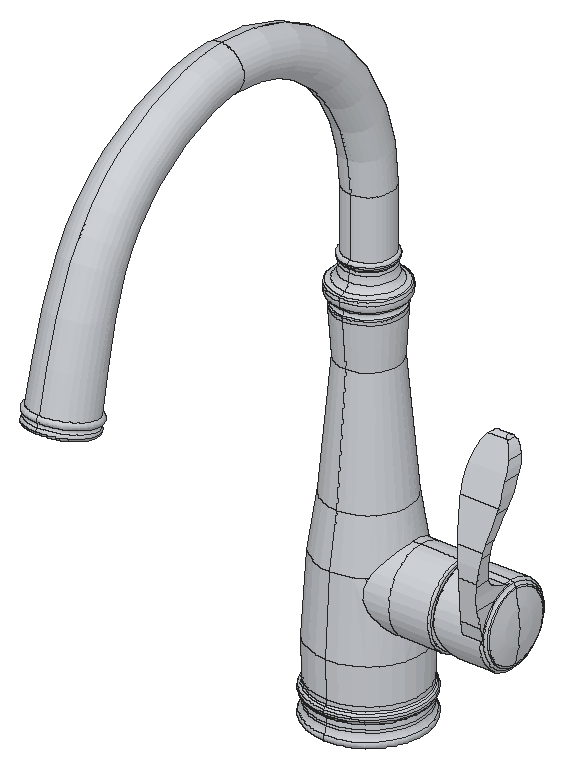
Revit family "Faucet-Bar-KOHLER-Bellera-K-29107", category Plumbing Fixtures, host Face, Revit 2015
Parameters (values of type "CP-Polished Chrome")
  Width = 2 1/8"  # constant formula
  WaterSense Certified = 1 = 0  # no
  Waste Water Outlet = "Waste Water Outlet"  # constant formula
  Waste Connection = 1 = 0  # no
  Vent Connection = 1 = 0  # no
  URL = "https://www.us.kohler.com/us/"
  Type = 1
  Spout Reach = Length  # 7 5/16"
  Product Page URL = "http://www.us.kohler.com/us/catalog/productDetails.jsp?productNumber=29107"
  Product Name = "Bellera"  # constant formula
  Product Documentation Link = "https://www.us.kohler.com/webassets/kpna/catalog/pdf/en/K-29107_spec.pdf"
  Pressure = 60.00 psi  # constant formula
  Model = if(Type = 1, "K-29107-CP", if(Type = 2, "K-29107-VS", if(Type = 3, "K-29107-2BZ", "NA")))  # "K-29107-CP"
  Material = "Premium Metal Construction"  # constant formula
  MasterFormat 2004 = "22.41.39"  # constant formula
  MasterFormat 1995 = "15410"  # constant formula
  Manufacturer Address = "444 Highland Dr, Kohler, WI 53044"  # constant formula
  Manufacturer = "KOHLER Co."  # constant formula
  Length = 7 5/16"  # constant formula
  Hot Water Inlet = "Hot Water Inlet"  # constant formula
  Height = 13"  # constant formula
  Handle Clearance = 3 3/8"  # constant formula
  HW Connection = 1 = 1  # yes
  Flow Rate = 1.5 GPM  # constant formula
  Finish = Kohler-Metal-CP-Polished_Chrome
  Faucet Hole Spacing = 0"
  Environmental Product Declaration = ""
  Drain Included = 1 = 0  # no
  Description = "Bar sink faucet"  # constant formula
  Default Elevation = 36"
  Declare Label = ""
  Date Modified = "5/27/2019"  # constant formula
  Date Created = "5/27/2019"  # constant formula
  Copyright = "Copyright KOHLER Co."  # constant formula
  Contact Us = "https://www.us.kohler.com/us/static/contact.jsp"
  Cold Water Inlet = "Cold Water Inlet"  # constant formula
  CW Connection = 1 = 1  # yes
  Assembly Code = "D2010"
  ADA Compliant = 1 = 1  # yes
Types (4): name | Type | Model | Finish
  (no name) | 1 | "K-29107-CP" | Kohler-Metal-CP-Polished_Chrome
  CP-Polished Chrome | 1 | "K-29107-CP" | Kohler-Metal-CP-Polished_Chrome
  VS-Vibrant Stainless | 2 | "K-29107-VS" | Kohler-Metal-VS-Vibrant_Stainless
  2BZ-Oil Rubbed Bronze | 3 | "K-29107-2BZ" | Kohler-Metal-2BZ-Oil_Rubbed_Bronze
Reference planes (in)
  plane 1 "Center (Front/Back)": y = 0
  plane 2: z = 0
  plane 3 "Center (Left/Right)": x = 0
  plane 4: x = -1.0625
  plane 5: x = 1.0625
  plane 6: y = 1.0625
  plane 7: y = -1.0625
  plane 8: z = 2.49999
  plane 9: z = 5.87499
  plane 10: z = 13
  plane 11: z = 8.125
  plane 12: y = -7.3125
  plane 13: x = 2.96274
Dimensions and locks (in)
  plane 6 to plane 7 = 2 1/8"
  "Width": plane 4 to plane 5
  "Length": plane 1 "Center (Front/Back)" to plane 12
  "Height": plane 10 to level
  "Handle Clearance": plane 9 to plane 8
  aligned and locked: plane 2 to host face
  aligned and locked: level to host face
Automatic sketch dimensions
  host sketch curve to host sketch curve = 96"  (x2)
Nested families (in)
  nested 1: "K-29107" at (0, 0, 0), type "K-29107"
Connectors (in)
  piping at (-0.26868, 0, 0), diameter 0.375, driven by "HW Connection", driven by "Hot Water Inlet", driven by "Flow Rate", driven by "Pressure"
    settings: on nested 1, index 1, connector inside diameter 24", connector length 0", flow factor 0, pipe flow 1.5 GPM, pressure drop 60.00 psi, fitting loss kfactor 0, connector angle 0.00°, fixture units 0, engagement length 0", angle of deflection 0.00°, flow configuration 1, flow direction 1, fitting loss method 4, system type 19, joint type 0, gender type 0, connector reference index -1, connector utility 1, adjustable connector no, is connector primary yes, connector description "Hot Water Inlet"
  piping at (0.26868, 0, 0), diameter 0.375, driven by "CW Connection", driven by "Cold Water Inlet", driven by "Flow Rate", driven by "Pressure"
    settings: on nested 1, index 2, connector inside diameter 24", connector length 0", flow factor 0, pipe flow 1.5 GPM, pressure drop 60.00 psi, fitting loss kfactor 0, connector angle 0.00°, fixture units 0, engagement length 0", angle of deflection 0.00°, flow configuration 1, flow direction 1, fitting loss method 4, system type 20, joint type 0, gender type 0, connector reference index -1, connector utility 1, adjustable connector no, is connector primary no, connector description "Cold Water Inlet"
Definition of nested family "K-29107"
  Parameters (values of type "K-29107")
    Material = none
  Reference planes (in)
    plane 1 "Center (Front/Back)": y = 0
    plane 2: z = 0
    plane 3 "Center (Left/Right)": x = 0
    plane 4: z = 8.125
    plane 5: z = 13
    plane 6: y = -7.3125
    plane 7: x = -1.0625
    plane 8: x = 1.0625
    plane 9: y = 1.0625
    plane 10: y = -1.0625
    plane 11: z = 2.49999
    plane 12: z = 5.87499
    plane 13: x = 2.96274
  Forms (in)
    Revolve 1, solid, material <- "Material", detail levels medium+fine
      sketch origin (0, 0, 0) x (0, 1, 0) y (0, 0, 1)
        loop
          line (0, 7.94118) -> (0, 0) -> (0.98553, 0)
          arc (0.98553, 0) -> (1.05421, 0.0423) -> (1.04733, 0.12268) r 0.07691
          arc (1.04733, 0.12268) -> (1.01331, 0.18402) -> (0.99632, 0.25208) r 0.26858
          arc (0.99632, 0.25208) -> (0.9942, 0.2763) -> (0.99335, 0.30061) r 0.46507
          line (0.99335, 0.30061) -> (0.99246, 0.39892)
          arc (0.99246, 0.39892) -> (0.99798, 0.41571) -> (1.01257, 0.42569) r 0.02754
          arc (1.01257, 0.42569) -> (1.0365, 0.4391) -> (1.05165, 0.46197) r 0.05827
          arc (1.05165, 0.46197) -> (1.05795, 0.48423) -> (1.06103, 0.50715) r 0.16249
          arc (1.06103, 0.50715) -> (1.05949, 0.53058) -> (1.05209, 0.55286) r 0.09221
          arc (1.05209, 0.55286) -> (1.03704, 0.57431) -> (1.01592, 0.5898) r 0.08061
          arc (1.01592, 0.5898) -> (1.00171, 0.60302) -> (0.99668, 0.62176) r 0.03516
          line (0.99668, 0.62176) -> (0.99797, 0.69563)
          arc (0.99797, 0.69563) -> (1.00289, 1.04003) -> (1.00563, 1.38445) r 54.43056
          arc (1.00563, 1.38445) -> (0.98376, 2.11532) -> (0.91122, 2.84291) r 10.5325
          arc (0.91122, 2.84291) -> (0.84036, 3.33388) -> (0.76039, 3.82345) r 26.73381
          arc (0.76039, 3.82345) -> (0.60836, 4.9746) -> (0.54852, 6.1342) r 14.56304
          arc (0.54852, 6.1342) -> (0.5595, 6.5542) -> (0.6022, 6.97216) r 5.55479
          line (0.6022, 6.97216) -> (0.61124, 7.0365)
          arc (0.61124, 7.0365) -> (0.61006, 7.05236) -> (0.6024, 7.06629) r 0.03742
          arc (0.6024, 7.06629) -> (0.58503, 7.13568) -> (0.63097, 7.1905) r 0.07876
          arc (0.63097, 7.1905) -> (0.64564, 7.1996) -> (0.65689, 7.21269) r 0.05661
          arc (0.65689, 7.21269) -> (0.68267, 7.27631) -> (0.68554, 7.3449) r 0.20097
          arc (0.68554, 7.3449) -> (0.68109, 7.37412) -> (0.6754, 7.40312) r 0.69297
          arc (0.6754, 7.40312) -> (0.66796, 7.41644) -> (0.65438, 7.42338) r 0.02629
          arc (0.65438, 7.42338) -> (0.60459, 7.43871) -> (0.55988, 7.46545) r 0.21736
          arc (0.55988, 7.46545) -> (0.50945, 7.51884) -> (0.47769, 7.58506) r 0.23802
          arc (0.47769, 7.58506) -> (0.46085, 7.65629) -> (0.45264, 7.72902) r 0.6107
          line (0.45264, 7.72902) -> (0.44912, 7.79631)
          arc (0.44912, 7.79631) -> (0.45255, 7.81238) -> (0.4636, 7.82456) r 0.03162
          arc (0.4636, 7.82456) -> (0.47613, 7.83597) -> (0.48423, 7.85086) r 0.05095
          arc (0.48423, 7.85086) -> (0.48842, 7.86885) -> (0.48887, 7.88731) r 0.09056
          arc (0.48887, 7.88731) -> (0.47031, 7.92565) -> (0.43065, 7.94118) r 0.0584
          line (0.43065, 7.94118) -> (0, 7.94118)
        axis (0, 0) -> (0, 7.94118)
      angle from 0 to 360
    Revolve 2, solid, material <- "Material", detail levels medium+fine
      sketch origin (0, 0, 0) x (0, 1, 0) y (0, 0, 1)
        loop
          arc (-6.73772, 7.98844) -> (-6.71843, 7.99107) -> (-6.70592, 8.00599) r 0.027
          arc (-6.70592, 8.00599) -> (-6.70064, 8.04179) -> (-6.70847, 8.07712) r 0.09977
          arc (-6.70847, 8.07712) -> (-6.70787, 8.12128) -> (-6.67492, 8.15069) r 0.05486
          arc (-6.67492, 8.15069) -> (-6.63497, 8.20827) -> (-6.67979, 8.26216) r 0.05789
          line (-6.67979, 8.26216) -> (-7.24871, 8.3935) -> (-7.30154, 8.17112) -> (-7.01445, 8.10291) -> (-7.02511, 8.05672) -> (-6.73772, 7.98844)
        axis (-7.24785, 8.39712) -> (-7.3125, 8.125)
      angle from 0 to 360
    Sweep 3, solid, material <- "Material", detail levels medium+fine
      path origin (0, 0, 0) x (0, 1, 0) y (0, 0, 1)
        loop
          line (0, 7.93117) -> (0, 9.06017)
          arc (0, 9.06017) -> (-1.02513, 11.53505) -> (-3.5, 12.56017) r 3.5
      profile origin (0, 0, 8.49567) x (0, -1, 0) y (1, 0, 0)
        loop
          circle (0, 0) r 0.43065
    SweptBlend 4, solid, material <- "Material", detail levels medium+fine
      path origin (0, 0, 0) x (0, 1, 0) y (0, 0, 1)
        loop
          spline (-7.25331, 8.39457) -> (-7.14564, 8.87106) -> (-7.0273, 9.3664) -> (-6.8851, 9.86641) -> (-6.70582, 10.35692) -> (-6.47626, 10.82375) -> (-6.18323, 11.25272) -> (-5.81841, 11.63105) -> (-5.39509, 11.95198) -> (-4.93242, 12.21044) -> (-4.44957, 12.40135) -> (-3.9657, 12.51962) -> (-3.5, 12.56017)
      profile origin (0, -7.25331, 8.39457) x (0, -0.97437, 0.224951) y (1, 0, 0)
        loop
          circle (0, 0) r 0.58126
      end profile origin (0, -3.5, 12.56017) x (0, 0, 1) y (1, 0, 0)
        loop
          circle (0, 0) r 0.43065
    Revolve 5, solid, material <- "Material", detail levels medium+fine
      sketch origin (0, 0, 0) x (1, 0, 0) y (0, 0, 1)
        loop
          arc (2.88402, 2.49999) -> (2.86479, 2.82022) -> (2.80736, 3.13584) r 2.67513
          arc (2.80736, 3.13584) -> (2.80088, 3.15033) -> (2.78971, 3.16161) r 0.04425
          arc (2.78971, 3.16161) -> (2.76714, 3.18448) -> (2.75423, 3.21391) r 0.08846
          arc (2.75423, 3.21391) -> (2.73756, 3.24017) -> (2.70817, 3.2504) r 0.04732
          line (2.70817, 3.2504) -> (1.83858, 3.2504)
          arc (1.83858, 3.2504) -> (1.82236, 3.24369) -> (1.81564, 3.22747) r 0.02293
          line (1.81564, 3.22747) -> (1.81564, 3.15857)
          arc (1.81564, 3.15857) -> (1.79287, 3.16247) -> (1.77, 3.1658) r 0.91041
          line (1.77, 3.1658) -> (1.77, 3.23449)
          arc (1.77, 3.23449) -> (1.76093, 3.25638) -> (1.73905, 3.26545) r 0.03095
          line (1.73905, 3.26545) -> (0.98905, 3.26545)
          arc (0.98905, 3.26545) -> (0.48989, 3.29952) -> (0, 3.40108) r 3.67388
          line (0, 3.40108) -> (0, 2.49999) -> (2.88402, 2.49999)
        axis (2.88402, 2.49999) -> (0, 2.49999)
      angle from 0 to 360
    Extrusion 6, solid, material <- "Material", detail levels medium+fine
      sketch origin (0, 0, 0) x (0, 1, 0) y (0, 0, 1)
        loop
          arc (-0.6251, 3.62614) -> (-0.6549, 3.93174) -> (-0.60759, 4.23513) r 1.22209
          arc (-0.60759, 4.23513) -> (-0.53423, 4.44225) -> (-0.4367, 4.63914) r 1.83959
          arc (-0.4367, 4.63914) -> (-0.27117, 4.93985) -> (-0.11563, 5.24585) r 10.41699
          arc (-0.11563, 5.24585) -> (-0.03397, 5.44596) -> (0.02052, 5.65511) r 1.631
          arc (0.02052, 5.65511) -> (-0.03972, 5.76498) -> (-0.159, 5.72664) r 0.09841
          arc (-0.159, 5.72664) -> (-0.40753, 5.28411) -> (-0.6031, 4.81576) r 4.37222
          arc (-0.6031, 4.81576) -> (-0.71747, 4.46338) -> (-0.81506, 4.10599) r 7.83677
          arc (-0.81506, 4.10599) -> (-0.86192, 3.83802) -> (-0.87103, 3.56613) r 1.94973
          arc (-0.87103, 3.56613) -> (-0.84622, 3.1793) -> (-0.80006, 2.79443) r 7.0032
          arc (-0.80006, 2.79443) -> (-0.73799, 2.5001) -> (-0.64072, 2.21546) r 2.47733
          line (-0.64072, 2.21546) -> (0.21574, 2.21546) -> (0.21574, 3.15804)
          arc (0.21574, 3.15804) -> (-0.08016, 3.2235) -> (-0.36684, 3.3218) r 2.69262
          arc (-0.36684, 3.3218) -> (-0.53324, 3.44233) -> (-0.6251, 3.62614) r 0.43178
      from 1.68008 to 3.6442
    Extrusion 7, void
      sketch origin (0, 0, -0.09375) x (1, 0, 0) y (0, 0, 1)
        loop
          arc (2.32299, 4.34518) -> (2.27764, 4.58097) -> (2.24079, 4.81824) r 6.67243
          arc (2.24079, 4.81824) -> (2.22134, 5.06019) -> (2.22897, 5.30279) r 2.17461
          arc (2.22897, 5.30279) -> (2.2404, 5.44458) -> (2.2721, 5.58324) r 0.98645
          arc (2.2721, 5.58324) -> (2.32608, 5.70647) -> (2.40694, 5.81399) r 0.58132
          arc (2.40694, 5.81399) -> (2.4912, 5.87257) -> (2.59172, 5.89321) r 0.25511
          arc (2.59172, 5.89321) -> (2.69223, 5.87257) -> (2.77649, 5.81399) r 0.25511
          arc (2.77649, 5.81399) -> (2.85735, 5.70647) -> (2.91133, 5.58324) r 0.58132
          arc (2.91133, 5.58324) -> (2.94303, 5.44458) -> (2.95446, 5.30279) r 0.98645
          arc (2.95446, 5.30279) -> (2.96209, 5.06019) -> (2.94264, 4.81824) r 2.17461
          arc (2.94264, 4.81824) -> (2.9058, 4.58097) -> (2.86044, 4.34518) r 6.67243
          arc (2.86044, 4.34518) -> (2.83755, 4.22865) -> (2.81796, 4.11152) r 4.21338
          arc (2.81796, 4.11152) -> (2.78066, 3.86235) -> (2.74491, 3.61295) r 40.69692
          arc (2.74491, 3.61295) -> (2.72779, 3.39978) -> (2.73593, 3.18607) r 1.80991
          arc (2.73593, 3.18607) -> (2.75729, 2.70053) -> (2.72694, 2.21546) r 4.56818
          line (2.72694, 2.21546) -> (3.87279, 2.21546) -> (3.87279, 6.69267) -> (1.24449, 6.69267) -> (1.24449, 2.21546) -> (2.33827, 2.21546)
          arc (2.33827, 2.21546) -> (2.40419, 2.90886) -> (2.41182, 3.60535) r 8.31176
          arc (2.41182, 3.60535) -> (2.38379, 3.97723) -> (2.32299, 4.34518) r 4.21338
      from -1.20958 to 1.52905
    Extrusion 8, void
      sketch origin (0, 0, 0) x (1, 0, 0) y (0, 0, 1)
        loop
          arc (1.90077, 2.29229) -> (1.82925, 2.48824) -> (1.77121, 2.6886) r 3.06853
          line (1.77121, 2.6886) -> (1.77121, 1.611) -> (2.17603, 1.611) -> (1.90077, 2.29229)
      from -1.2065 to 1.38688
    Revolve 9, solid, material <- "Material", detail levels medium+fine
      sketch origin (0, 0, 0) x (1, 0, 0) y (0, 0, 1)
        loop
          line (1.77, 2.49999) -> (1.77, 1.83766)
          arc (1.77, 1.83766) -> (2.21116, 2.04725) -> (2.39441, 2.49999) r 0.67302
          line (2.39441, 2.49999) -> (1.77, 2.49999)
        axis (2.39441, 2.49999) -> (1.77, 2.49999)
      angle from 0 to 360
    Revolve 10, solid, material <- "Material", detail levels coarse
      sketch origin (0, 0, 0) x (1, 0, 0) y (0, 0, 1)
        loop
          line (0, 8.27762) -> (-0.6024, 8.27762) -> (-0.6024, 6.5) -> (-1.0625, 6.5) -> (-1.0625, 0) -> (0, 0) -> (0, 8.27762)
        axis (0, 0) -> (0, 8.27762)
      angle from 0 to 360
    Sweep 11, solid, material <- "Material", detail levels coarse
      path origin (0, 0, 0) x (0, 1, 0) y (0, 0, 1)
        loop
          line (0, 7.94118) -> (0, 9.03024)
          arc (0, 9.03024) -> (-3.09272, 12.50646) -> (-6.90521, 9.83927) r 3.5
          line (-6.90521, 9.83927) -> (-7.3125, 8.125)
      profile origin (0, 0, 7.94118) x (0, -1, 0) y (1, 0, 0)
        loop
          circle (0, 0) r 0.6024
    Revolve 12, solid, material <- "Material", detail levels coarse
      sketch origin (0, 0, 0) x (1, 0, 0) y (0, 0, 1)
        loop
          line (0.27, 2.49999) -> (2.88402, 2.49999) -> (2.88402, 3.2504) -> (0.27, 3.2504) -> (0.27, 2.49999)
        axis (2.88402, 2.49999) -> (0.27, 2.49999)
      angle from 0 to 360
    Extrusion 13, solid, material <- "Material", detail levels coarse
      sketch origin (0, 0, 0) x (0, 1, 0) y (0, 0, 1)
        loop
          line (0, 2.49999) -> (0, 5.87499) -> (-0.5, 5.87499) -> (-0.5, 2.49999) -> (0, 2.49999)
      from 2.20086 to 2.88402
    Extrusion 14, solid, material <- "Material", detail levels medium+fine
      sketch origin (0, 0, 0) x (1, 0, 0) y (0, 1, 0)
        loop
          circle (-0.26868, 0) r 0.14055
        loop
          circle (0.26868, 0) r 0.14055
      from 0 to 0.08906
  Cuts and joins
    Extrusion 8 cuts Revolve 5
    joined: Revolve 1, Sweep 3, SweptBlend 4, Revolve 5
    Extrusion 7 cuts Extrusion 6
    joined: Revolve 10, Sweep 11, Revolve 12, Extrusion 13
  Lines and regions (in)
    Masking region 1
      outline origin (0, 0, 0) x (0, 1, 0) y (0, 0, 1)
        loop
          arc (0.98553, 0) -> (1.05421, 0.0423) -> (1.04733, 0.12268) r 0.07691
          arc (1.04733, 0.12268) -> (1.01331, 0.18402) -> (0.99632, 0.25208) r 0.26858
          arc (0.99632, 0.25208) -> (0.9942, 0.2763) -> (0.99335, 0.30061) r 0.46507
          line (0.99335, 0.30061) -> (0.99246, 0.39892)
          arc (0.99246, 0.39892) -> (0.99798, 0.41571) -> (1.01257, 0.42569) r 0.02754
          arc (1.01257, 0.42569) -> (1.0365, 0.4391) -> (1.05165, 0.46197) r 0.05827
          arc (1.05165, 0.46197) -> (1.05795, 0.48423) -> (1.06103, 0.50715) r 0.16249
          arc (1.06103, 0.50715) -> (1.05949, 0.53058) -> (1.05209, 0.55286) r 0.09221
          arc (1.05209, 0.55286) -> (1.03704, 0.57431) -> (1.01592, 0.5898) r 0.08061
          arc (1.01592, 0.5898) -> (1.00171, 0.60302) -> (0.99668, 0.62176) r 0.03516
          line (0.99668, 0.62176) -> (0.99797, 0.69563)
          arc (0.99797, 0.69563) -> (1.00289, 1.04003) -> (1.00563, 1.38445) r 54.43056
          arc (1.00563, 1.38445) -> (0.98376, 2.11532) -> (0.91122, 2.84291) r 10.5325
          arc (0.91122, 2.84291) -> (0.84036, 3.33388) -> (0.76039, 3.82345) r 26.73381
          arc (0.76039, 3.82345) -> (0.60836, 4.9746) -> (0.54852, 6.1342) r 14.56304
          arc (0.54852, 6.1342) -> (0.5595, 6.5542) -> (0.6022, 6.97216) r 5.55479
          line (0.6022, 6.97216) -> (0.61124, 7.0365)
          arc (0.61124, 7.0365) -> (0.61006, 7.05236) -> (0.6024, 7.06629) r 0.03742
          arc (0.6024, 7.06629) -> (0.58503, 7.13568) -> (0.63097, 7.1905) r 0.07876
          arc (0.63097, 7.1905) -> (0.64564, 7.1996) -> (0.65689, 7.21269) r 0.05661
          arc (0.65689, 7.21269) -> (0.68267, 7.27631) -> (0.68554, 7.3449) r 0.20097
          arc (0.68554, 7.3449) -> (0.68109, 7.37412) -> (0.6754, 7.40312) r 0.69297
          arc (0.6754, 7.40312) -> (0.66796, 7.41644) -> (0.65438, 7.42338) r 0.02629
          arc (0.65438, 7.42338) -> (0.60459, 7.43871) -> (0.55988, 7.46545) r 0.21736
          arc (0.55988, 7.46545) -> (0.50945, 7.51884) -> (0.47769, 7.58506) r 0.23802
          arc (0.47769, 7.58506) -> (0.46085, 7.65629) -> (0.45264, 7.72902) r 0.6107
          line (0.45264, 7.72902) -> (0.44912, 7.79631)
          arc (0.44912, 7.79631) -> (0.45255, 7.81238) -> (0.4636, 7.82456) r 0.03162
          arc (0.4636, 7.82456) -> (0.47613, 7.83597) -> (0.48423, 7.85086) r 0.05095
          arc (0.48423, 7.85086) -> (0.48842, 7.86885) -> (0.48887, 7.88731) r 0.09056
          arc (0.48887, 7.88731) -> (0.47031, 7.92565) -> (0.43065, 7.94118) r 0.0584
          line (0.43065, 7.94118) -> (0.43065, 8.8402)
          arc (0.43065, 8.8402) -> (0.38333, 9.55379) -> (0.24219, 10.25489) r 5.40382
          arc (0.24219, 10.25489) -> (-0.12975, 11.12235) -> (-0.72718, 11.85303) r 3.3777
          arc (-0.72718, 11.85303) -> (-2.0136, 12.67469) -> (-3.50496, 13) r 4.33896
          arc (-3.50496, 13) -> (-4.61127, 12.86396) -> (-5.61835, 12.38622) r 3.49173
          arc (-5.61835, 12.38622) -> (-6.60258, 11.47747) -> (-7.29207, 10.32893) r 4.72284
          arc (-7.29207, 10.32893) -> (-7.60556, 9.44554) -> (-7.81591, 8.53208) r 8.17867
          arc (-7.81591, 8.53208) -> (-7.88077, 8.50317) -> (-7.86882, 8.43317) r 0.05789
          arc (-7.86882, 8.43317) -> (-7.85232, 8.39318) -> (-7.87245, 8.35489) r 0.05103
          arc (-7.87245, 8.35489) -> (-7.8973, 8.32598) -> (-7.9081, 8.28941) r 0.09079
          arc (-7.9081, 8.28941) -> (-7.90308, 8.27182) -> (-7.88785, 8.26169) r 0.02644
          line (-7.88785, 8.26169) -> (-6.73722, 7.98832)
          arc (-6.73722, 7.98832) -> (-6.71906, 7.99051) -> (-6.70667, 8.00396) r 0.02644
          arc (-6.70667, 8.00396) -> (-6.69986, 8.04148) -> (-6.70906, 8.07849) r 0.09079
          arc (-6.70906, 8.07849) -> (-6.70981, 8.12174) -> (-6.67709, 8.15003) r 0.05103
          arc (-6.67709, 8.15003) -> (-6.63493, 8.20714) -> (-6.67979, 8.26216) r 0.05789
          arc (-6.67979, 8.26216) -> (-6.49571, 9.11355) -> (-6.28793, 9.95947) r 31.17748
          arc (-6.28793, 9.95947) -> (-6.19276, 10.24312) -> (-6.05952, 10.511) r 2.17293
          arc (-6.05952, 10.511) -> (-5.36714, 11.34637) -> (-4.44522, 11.91848) r 3.3706
          arc (-4.44522, 11.91848) -> (-3.68205, 12.10882) -> (-2.89666, 12.06619) r 2.64349
          arc (-2.89666, 12.06619) -> (-1.29102, 11.1735) -> (-0.48263, 9.52381) r 3.06989
          arc (-0.48263, 9.52381) -> (-0.44366, 9.183) -> (-0.43065, 8.8402) r 4.52159
          line (-0.43065, 8.8402) -> (-0.43065, 7.94118)
          arc (-0.43065, 7.94118) -> (-0.47031, 7.92565) -> (-0.48887, 7.88731) r 0.0584
          arc (-0.48887, 7.88731) -> (-0.48842, 7.86885) -> (-0.48423, 7.85086) r 0.09056
          arc (-0.48423, 7.85086) -> (-0.47613, 7.83597) -> (-0.4636, 7.82456) r 0.05095
          arc (-0.4636, 7.82456) -> (-0.45255, 7.81238) -> (-0.44912, 7.79631) r 0.03162
          line (-0.44912, 7.79631) -> (-0.45264, 7.72902)
          arc (-0.45264, 7.72902) -> (-0.46085, 7.65629) -> (-0.47769, 7.58506) r 0.6107
          arc (-0.47769, 7.58506) -> (-0.50945, 7.51884) -> (-0.55988, 7.46545) r 0.23802
          arc (-0.55988, 7.46545) -> (-0.60459, 7.43871) -> (-0.65438, 7.42338) r 0.21736
          arc (-0.65438, 7.42338) -> (-0.66796, 7.41644) -> (-0.6754, 7.40312) r 0.02629
          arc (-0.6754, 7.40312) -> (-0.68109, 7.37412) -> (-0.68554, 7.3449) r 0.69297
          arc (-0.68554, 7.3449) -> (-0.68267, 7.27631) -> (-0.65689, 7.21269) r 0.20097
          arc (-0.65689, 7.21269) -> (-0.64564, 7.1996) -> (-0.63097, 7.1905) r 0.05661
          arc (-0.63097, 7.1905) -> (-0.58503, 7.13568) -> (-0.6024, 7.06629) r 0.07876
          arc (-0.6024, 7.06629) -> (-0.61006, 7.05236) -> (-0.61124, 7.0365) r 0.03742
          line (-0.61124, 7.0365) -> (-0.6022, 6.97216)
          arc (-0.6022, 6.97216) -> (-0.5595, 6.5542) -> (-0.54852, 6.1342) r 5.55479
          arc (-0.54852, 6.1342) -> (-0.57376, 5.43058) -> (-0.63298, 4.729) r 14.56304
          arc (-0.63298, 4.729) -> (-0.73047, 4.41938) -> (-0.81506, 4.10599) r 7.83677
          arc (-0.81506, 4.10599) -> (-0.86192, 3.83802) -> (-0.87103, 3.56613) r 1.94973
          arc (-0.87103, 3.56613) -> (-0.86358, 3.4096) -> (-0.85263, 3.25327) r 7.0032
          arc (-0.85263, 3.25327) -> (-0.88272, 3.04821) -> (-0.91122, 2.84291) r 26.73381
          arc (-0.91122, 2.84291) -> (-0.98376, 2.11532) -> (-1.00563, 1.38445) r 10.5325
          arc (-1.00563, 1.38445) -> (-1.00289, 1.04003) -> (-0.99797, 0.69563) r 54.43056
          line (-0.99797, 0.69563) -> (-0.99668, 0.62176)
          arc (-0.99668, 0.62176) -> (-1.00171, 0.60302) -> (-1.01592, 0.5898) r 0.03516
          arc (-1.01592, 0.5898) -> (-1.03704, 0.57431) -> (-1.05209, 0.55286) r 0.08061
          arc (-1.05209, 0.55286) -> (-1.05949, 0.53058) -> (-1.06103, 0.50715) r 0.09221
          arc (-1.06103, 0.50715) -> (-1.05795, 0.48423) -> (-1.05165, 0.46197) r 0.16249
          arc (-1.05165, 0.46197) -> (-1.0365, 0.4391) -> (-1.01257, 0.42569) r 0.05827
          arc (-1.01257, 0.42569) -> (-0.99798, 0.41571) -> (-0.99246, 0.39892) r 0.02754
          line (-0.99246, 0.39892) -> (-0.99335, 0.30061)
          arc (-0.99335, 0.30061) -> (-0.9942, 0.2763) -> (-0.99632, 0.25208) r 0.46507
          arc (-0.99632, 0.25208) -> (-1.01331, 0.18402) -> (-1.04733, 0.12268) r 0.26858
          arc (-1.04733, 0.12268) -> (-1.05421, 0.0423) -> (-0.98553, 0) r 0.07691
          line (-0.98553, 0) -> (0, 0) -> (0.98553, 0)
    Masking region 2
      outline origin (0, 0, 0) x (1, 0, 0) y (0, 0, 1)
        loop
          line (-0.98553, 0) -> (0, 0) -> (0.98553, 0)
          arc (0.98553, 0) -> (1.05421, 0.0423) -> (1.04733, 0.12268) r 0.07691
          arc (1.04733, 0.12268) -> (1.01331, 0.18402) -> (0.99632, 0.25208) r 0.26858
          arc (0.99632, 0.25208) -> (0.9942, 0.2763) -> (0.99335, 0.30061) r 0.46507
          line (0.99335, 0.30061) -> (0.99246, 0.39892)
          arc (0.99246, 0.39892) -> (0.99798, 0.41571) -> (1.01257, 0.42569) r 0.02754
          arc (1.01257, 0.42569) -> (1.0365, 0.4391) -> (1.05165, 0.46197) r 0.05827
          arc (1.05165, 0.46197) -> (1.05795, 0.48423) -> (1.06103, 0.50715) r 0.16249
          arc (1.06103, 0.50715) -> (1.05949, 0.53058) -> (1.05209, 0.55286) r 0.09221
          arc (1.05209, 0.55286) -> (1.03704, 0.57431) -> (1.01592, 0.5898) r 0.08061
          arc (1.01592, 0.5898) -> (1.00171, 0.60302) -> (0.99668, 0.62176) r 0.03516
          line (0.99668, 0.62176) -> (0.99797, 0.69563)
          arc (0.99797, 0.69563) -> (1.00289, 1.04003) -> (1.00563, 1.38445) r 54.43056
          arc (1.00563, 1.38445) -> (1.00575, 1.44508) -> (1.00551, 1.50571) r 10.5325
          arc (1.00551, 1.50571) -> (1.03746, 1.60761) -> (1.12274, 1.67189) r 0.17474
          arc (1.12274, 1.67189) -> (1.34307, 1.71879) -> (1.56779, 1.73452) r 1.61238
          line (1.56779, 1.73452) -> (1.73905, 1.73452)
          arc (1.73905, 1.73452) -> (1.76093, 1.74359) -> (1.77, 1.76548) r 0.03095
          line (1.77, 1.76548) -> (1.77, 1.83417)
          arc (1.77, 1.83417) -> (1.79287, 1.8375) -> (1.81564, 1.8414) r 0.91041
          arc (1.81564, 1.8414) -> (1.93622, 1.8723) -> (2.05145, 1.91936) r 0.91041
          line (2.05145, 1.91936) -> (2.12005, 1.74957) -> (2.70225, 1.74957)
          arc (2.70225, 1.74957) -> (2.73546, 1.76074) -> (2.75517, 1.7897) r 0.05496
          arc (2.75517, 1.7897) -> (2.76821, 1.81703) -> (2.78971, 1.83837) r 0.08846
          arc (2.78971, 1.83837) -> (2.80088, 1.84964) -> (2.80736, 1.86413) r 0.04425
          arc (2.80736, 1.86413) -> (2.86479, 2.17975) -> (2.88402, 2.49999) r 2.67513
          arc (2.88402, 2.49999) -> (2.86479, 2.82022) -> (2.80736, 3.13584) r 2.67513
          arc (2.80736, 3.13584) -> (2.80088, 3.15033) -> (2.78971, 3.16161) r 0.04425
          arc (2.78971, 3.16161) -> (2.76714, 3.18448) -> (2.75423, 3.21391) r 0.08846
          arc (2.75423, 3.21391) -> (2.74466, 3.23321) -> (2.72752, 3.24627) r 0.04732
          arc (2.72752, 3.24627) -> (2.73105, 3.38306) -> (2.74491, 3.5192) r 1.80991
          arc (2.74491, 3.5192) -> (2.78066, 3.7686) -> (2.81796, 4.01777) r 40.69692
          arc (2.81796, 4.01777) -> (2.83755, 4.1349) -> (2.86044, 4.25143) r 4.21338
          arc (2.86044, 4.25143) -> (2.9058, 4.48722) -> (2.94264, 4.72449) r 6.67243
          arc (2.94264, 4.72449) -> (2.96209, 4.96644) -> (2.95446, 5.20904) r 2.17461
          arc (2.95446, 5.20904) -> (2.94303, 5.35083) -> (2.91133, 5.48949) r 0.98645
          arc (2.91133, 5.48949) -> (2.7983, 5.70895) -> (2.61561, 5.87499) r 0.69426
          arc (2.61561, 5.87499) -> (2.40167, 5.71983) -> (2.2721, 5.48949) r 0.61799
          arc (2.2721, 5.48949) -> (2.2404, 5.35083) -> (2.22897, 5.20904) r 0.98645
          arc (2.22897, 5.20904) -> (2.22134, 4.96644) -> (2.24079, 4.72449) r 2.17461
          arc (2.24079, 4.72449) -> (2.27764, 4.48722) -> (2.32299, 4.25143) r 6.67243
          arc (2.32299, 4.25143) -> (2.38379, 3.88348) -> (2.41182, 3.5116) r 4.21338
          arc (2.41182, 3.5116) -> (2.41484, 3.38102) -> (2.4158, 3.2504) r 8.31176
          line (2.4158, 3.2504) -> (1.83858, 3.2504)
          arc (1.83858, 3.2504) -> (1.82236, 3.24369) -> (1.81564, 3.22747) r 0.02293
          line (1.81564, 3.22747) -> (1.81564, 3.15857)
          arc (1.81564, 3.15857) -> (1.79287, 3.16247) -> (1.77, 3.1658) r 0.91041
          line (1.77, 3.1658) -> (1.77, 3.23449)
          arc (1.77, 3.23449) -> (1.76093, 3.25638) -> (1.73905, 3.26545) r 0.03095
          line (1.73905, 3.26545) -> (1.56779, 3.26545)
          arc (1.56779, 3.26545) -> (1.35966, 3.27894) -> (1.15502, 3.31918) r 1.61238
          arc (1.15502, 3.31918) -> (1.08792, 3.33465) -> (1.01997, 3.34578) r 1.06899
          arc (1.01997, 3.34578) -> (0.87837, 3.41418) -> (0.80562, 3.5536) r 0.25
          arc (0.80562, 3.5536) -> (0.78335, 3.68859) -> (0.76039, 3.82345) r 26.73381
          arc (0.76039, 3.82345) -> (0.60836, 4.9746) -> (0.54852, 6.1342) r 14.56304
          arc (0.54852, 6.1342) -> (0.5595, 6.5542) -> (0.6022, 6.97216) r 5.55479
          line (0.6022, 6.97216) -> (0.61124, 7.0365)
          arc (0.61124, 7.0365) -> (0.61006, 7.05236) -> (0.6024, 7.06629) r 0.03742
          arc (0.6024, 7.06629) -> (0.58503, 7.13568) -> (0.63097, 7.1905) r 0.07876
          arc (0.63097, 7.1905) -> (0.64564, 7.1996) -> (0.65689, 7.21269) r 0.05661
          arc (0.65689, 7.21269) -> (0.68267, 7.27631) -> (0.68554, 7.3449) r 0.20097
          arc (0.68554, 7.3449) -> (0.68109, 7.37412) -> (0.6754, 7.40312) r 0.69297
          arc (0.6754, 7.40312) -> (0.66796, 7.41644) -> (0.65438, 7.42338) r 0.02629
          arc (0.65438, 7.42338) -> (0.60459, 7.43871) -> (0.55988, 7.46545) r 0.21736
          arc (0.55988, 7.46545) -> (0.50945, 7.51884) -> (0.47769, 7.58506) r 0.23802
          arc (0.47769, 7.58506) -> (0.46085, 7.65629) -> (0.45264, 7.72902) r 0.6107
          line (0.45264, 7.72902) -> (0.44912, 7.79631)
          arc (0.44912, 7.79631) -> (0.45255, 7.81238) -> (0.4636, 7.82456) r 0.03162
          arc (0.4636, 7.82456) -> (0.47613, 7.83597) -> (0.48423, 7.85086) r 0.05095
          arc (0.48423, 7.85086) -> (0.48842, 7.86885) -> (0.48887, 7.88731) r 0.09056
          arc (0.48887, 7.88731) -> (0.47031, 7.92565) -> (0.43065, 7.94118) r 0.0584
          line (0.43065, 7.94118) -> (0.43065, 8.03048)
          arc (0.43065, 8.03048) -> (0.51081, 8.05294) -> (0.58407, 8.09249) r 0.37619
          arc (0.58407, 8.09249) -> (0.62271, 8.15865) -> (0.5969, 8.23078) r 0.09067
          arc (0.5969, 8.23078) -> (0.59167, 8.24505) -> (0.59902, 8.25835) r 0.01829
          arc (0.59902, 8.25835) -> (0.64152, 8.35385) -> (0.58153, 8.43946) r 0.10612
          arc (0.58153, 8.43946) -> (0.5577, 9.03463) -> (0.54858, 9.6302) r 24.11476
          arc (0.54858, 9.6302) -> (0.51859, 11.11257) -> (0.43741, 12.59302) r 42.91988
          arc (0.43741, 12.59302) -> (0.29873, 12.88252) -> (0, 13) r 0.43855
          arc (0, 13) -> (-0.29873, 12.88252) -> (-0.43741, 12.59302) r 0.43855
          arc (-0.43741, 12.59302) -> (-0.51859, 11.11257) -> (-0.54858, 9.6302) r 42.91988
          arc (-0.54858, 9.6302) -> (-0.5577, 9.03463) -> (-0.58153, 8.43946) r 24.11476
          arc (-0.58153, 8.43946) -> (-0.64152, 8.35385) -> (-0.59902, 8.25835) r 0.10612
          arc (-0.59902, 8.25835) -> (-0.59167, 8.24505) -> (-0.5969, 8.23078) r 0.01829
          arc (-0.5969, 8.23078) -> (-0.62271, 8.15865) -> (-0.58407, 8.09249) r 0.09067
          arc (-0.58407, 8.09249) -> (-0.51081, 8.05294) -> (-0.43065, 8.03048) r 0.37619
          line (-0.43065, 8.03048) -> (-0.43065, 7.94118)
          arc (-0.43065, 7.94118) -> (-0.47031, 7.92565) -> (-0.48887, 7.88731) r 0.0584
          arc (-0.48887, 7.88731) -> (-0.48842, 7.86885) -> (-0.48423, 7.85086) r 0.09056
          arc (-0.48423, 7.85086) -> (-0.47613, 7.83597) -> (-0.4636, 7.82456) r 0.05095
          arc (-0.4636, 7.82456) -> (-0.45255, 7.81238) -> (-0.44912, 7.79631) r 0.03162
          line (-0.44912, 7.79631) -> (-0.45264, 7.72902)
          arc (-0.45264, 7.72902) -> (-0.46085, 7.65629) -> (-0.47769, 7.58506) r 0.6107
          arc (-0.47769, 7.58506) -> (-0.50945, 7.51884) -> (-0.55988, 7.46545) r 0.23802
          arc (-0.55988, 7.46545) -> (-0.60459, 7.43871) -> (-0.65438, 7.42338) r 0.21736
          arc (-0.65438, 7.42338) -> (-0.66796, 7.41644) -> (-0.6754, 7.40312) r 0.02629
          arc (-0.6754, 7.40312) -> (-0.68109, 7.37412) -> (-0.68554, 7.3449) r 0.69297
          arc (-0.68554, 7.3449) -> (-0.68267, 7.27631) -> (-0.65689, 7.21269) r 0.20097
          arc (-0.65689, 7.21269) -> (-0.64564, 7.1996) -> (-0.63097, 7.1905) r 0.05661
          arc (-0.63097, 7.1905) -> (-0.58503, 7.13568) -> (-0.6024, 7.06629) r 0.07876
          arc (-0.6024, 7.06629) -> (-0.61006, 7.05236) -> (-0.61124, 7.0365) r 0.03742
          line (-0.61124, 7.0365) -> (-0.6022, 6.97216)
          arc (-0.6022, 6.97216) -> (-0.5595, 6.5542) -> (-0.54852, 6.1342) r 5.55479
          arc (-0.54852, 6.1342) -> (-0.60836, 4.9746) -> (-0.76039, 3.82345) r 14.56304
          arc (-0.76039, 3.82345) -> (-0.84036, 3.33388) -> (-0.91122, 2.84291) r 26.73381
          arc (-0.91122, 2.84291) -> (-0.98376, 2.11532) -> (-1.00563, 1.38445) r 10.5325
          arc (-1.00563, 1.38445) -> (-1.00289, 1.04003) -> (-0.99797, 0.69563) r 54.43056
          line (-0.99797, 0.69563) -> (-0.99668, 0.62176)
          arc (-0.99668, 0.62176) -> (-1.00171, 0.60302) -> (-1.01592, 0.5898) r 0.03516
          arc (-1.01592, 0.5898) -> (-1.03704, 0.57431) -> (-1.05209, 0.55286) r 0.08061
          arc (-1.05209, 0.55286) -> (-1.05949, 0.53058) -> (-1.06103, 0.50715) r 0.09221
          arc (-1.06103, 0.50715) -> (-1.05795, 0.48423) -> (-1.05165, 0.46197) r 0.16249
          arc (-1.05165, 0.46197) -> (-1.0365, 0.4391) -> (-1.01257, 0.42569) r 0.05827
          arc (-1.01257, 0.42569) -> (-0.99798, 0.41571) -> (-0.99246, 0.39892) r 0.02754
          line (-0.99246, 0.39892) -> (-0.99335, 0.30061)
          arc (-0.99335, 0.30061) -> (-0.9942, 0.2763) -> (-0.99632, 0.25208) r 0.46507
          arc (-0.99632, 0.25208) -> (-1.01331, 0.18402) -> (-1.04733, 0.12268) r 0.26858
          arc (-1.04733, 0.12268) -> (-1.05421, 0.0423) -> (-0.98553, 0) r 0.07691
    Masking region 3
      outline origin (0, 0, 0) x (1, 0, 0) y (0, 1, 0)
        loop
          arc (0, 1.0625) -> (-0.7513, 0.7513) -> (-1.0625, 0) r 1.0625
          arc (-1.0625, 0) -> (-0.89064, -0.57937) -> (-0.43065, -0.97131) r 1.0625
          line (-0.43065, -0.97131) -> (-0.43065, -3.49865) -> (-0.46133, -4.67916)
          arc (-0.46133, -4.67916) -> (-0.49776, -5.80687) -> (-0.54842, -6.93403) r 89.39734
          arc (-0.54842, -6.93403) -> (-0.625, -7.1158) -> (-0.63972, -7.3125) r 0.61141
          arc (-0.63972, -7.3125) -> (-0.61805, -7.43001) -> (-0.57459, -7.54132) r 0.63001
          arc (-0.57459, -7.54132) -> (-0.34434, -7.81747) -> (0, -7.92095) r 0.62465
          arc (0, -7.92095) -> (0.34434, -7.81747) -> (0.57459, -7.54132) r 0.62465
          arc (0.57459, -7.54132) -> (0.61805, -7.43001) -> (0.63972, -7.3125) r 0.63001
          arc (0.63972, -7.3125) -> (0.625, -7.1158) -> (0.54842, -6.93403) r 0.61141
          arc (0.54842, -6.93403) -> (0.49776, -5.80687) -> (0.46133, -4.67916) r 89.39734
          line (0.46133, -4.67916) -> (0.43064, -3.49846) -> (0.43064, -0.97132)
          arc (0.43064, -0.97132) -> (0.58138, -0.88933) -> (0.71695, -0.78415) r 1.0625
          arc (0.71695, -0.78415) -> (0.91931, -0.77008) -> (1.1221, -0.76539) r 4.38455
          line (1.1221, -0.76539) -> (1.73552, -0.76539)
          arc (1.73552, -0.76539) -> (1.7599, -0.75529) -> (1.77, -0.73091) r 0.03448
          line (1.77, -0.73091) -> (1.77, -0.66144)
          arc (1.77, -0.66144) -> (1.79286, -0.66016) -> (1.81564, -0.65786) r 0.5131
          line (1.81564, -0.65786) -> (1.81564, -0.72691)
          arc (1.81564, -0.72691) -> (1.82252, -0.74352) -> (1.83913, -0.7504) r 0.02349
          line (1.83913, -0.7504) -> (2.30537, -0.7504)
          arc (2.30537, -0.7504) -> (2.34287, -0.80702) -> (2.38701, -0.85864) r 0.55507
          arc (2.38701, -0.85864) -> (2.40141, -0.86852) -> (2.41852, -0.872) r 0.04383
          line (2.41852, -0.872) -> (2.75543, -0.872)
          arc (2.75543, -0.872) -> (2.79182, -0.86199) -> (2.81796, -0.83477) r 0.07111
          arc (2.81796, -0.83477) -> (2.84594, -0.79424) -> (2.87544, -0.7548) r 1.29559
          arc (2.87544, -0.7548) -> (2.9403, -0.63573) -> (2.96274, -0.50201) r 0.40965
          line (2.96274, -0.50201) -> (2.96274, -0.23614)
          arc (2.96274, -0.23614) -> (2.96067, -0.18474) -> (2.95446, -0.13367) r 0.63818
          arc (2.95446, -0.13367) -> (2.93763, -0.05718) -> (2.88412, 0) r 0.14796
          arc (2.88412, 0) -> (2.86471, 0.31743) -> (2.80859, 0.63045) r 2.73536
          arc (2.80859, 0.63045) -> (2.80184, 0.64668) -> (2.79035, 0.65997) r 0.05546
          arc (2.79035, 0.65997) -> (2.76764, 0.6857) -> (2.7535, 0.71698) r 0.11551
          arc (2.7535, 0.71698) -> (2.73672, 0.74155) -> (2.70851, 0.75101) r 0.04676
          line (2.70851, 0.75101) -> (1.83782, 0.75101)
          arc (1.83782, 0.75101) -> (1.8221, 0.7445) -> (1.81559, 0.72878) r 0.02223
          line (1.81559, 0.72878) -> (1.81559, 0.65755)
          arc (1.81559, 0.65755) -> (1.79284, 0.66043) -> (1.77, 0.66233) r 0.53273
          line (1.77, 0.66233) -> (1.77, 0.73435)
          arc (1.77, 0.73435) -> (1.76091, 0.7563) -> (1.73896, 0.76539) r 0.03104
          line (1.73896, 0.76539) -> (1.1221, 0.76539)
          arc (1.1221, 0.76539) -> (0.91931, 0.77008) -> (0.71695, 0.78415) r 4.38455
          arc (0.71695, 0.78415) -> (0.38454, 0.99047) -> (0, 1.0625) r 1.0625
    symbolic lines, detail levels medium+fine
      curve 1: line (0, -6.67979, 8.26216) -> (0, -7.81591, 8.53208)
      curve 2: line (0, -6.67868, 8.1496) -> (0, -7.86752, 8.43205)
      curve 3: line (0, 0.65438, 7.42338) -> (0, -0.65438, 7.42338)
      curve 4: line (0, 0.61124, 7.0365) -> (0, -0.61124, 7.0365)
      curve 5: line (0, 0.43065, 7.94118) -> (0, -0.43065, 7.94118)
      curve 6: line (0, 0.4636, 7.82456) -> (0, -0.4636, 7.82456)
      curve 7: arc (0, -0.0804, 5.84505) -> (0, -0.39688, 5.30581) -> (0, -0.6332, 4.72695) r 4.37222
      curve 8: arc (0, -0.11563, 5.24585) -> (0, -0.01235, 5.51617) -> (0, 0.04153, 5.80049) r 1.631
      curve 9: arc (0, -0.4367, 4.63914) -> (0, -0.27117, 4.93985) -> (0, -0.11563, 5.24585) r 10.41699
      curve 10: arc (0, -0.6251, 3.62614) -> (0, -0.6549, 3.93174) -> (0, -0.60759, 4.23513) r 1.22209
      curve 11: arc (0, -0.60759, 4.23513) -> (0, -0.53423, 4.44225) -> (0, -0.4367, 4.63914) r 1.83959
      curve 12: arc (0, -0.29743, 3.30015) -> (0, -0.50855, 3.41561) -> (0, -0.6251, 3.62614) r 0.43178
      curve 13: arc (0, -0.8004, 2.79677) -> (0, 0.60387, 1.8966) -> (0, -0.29743, 3.30015) r 0.85365
      curve 14: arc (0, -0.85263, 3.25327) -> (0, -0.83026, 3.02459) -> (0, -0.8004, 2.79677) r 7.0032
      curve 15: arc (0, 0.04153, 5.80049) -> (0, -0.00216, 5.87003) -> (0, -0.0804, 5.84505) r 0.06702
      curve 16: circle (0, 0, 2.49999) r 0.7914 normal (1, 0, 0)
      curve 17: line (-1.01592, 0, 0.5898) -> (1.01592, 0, 0.5898)
      curve 18: line (-1.01257, 0, 0.42569) -> (1.01257, 0, 0.42569)
      curve 19: line (-1.04733, 0, 0.12268) -> (1.04733, 0, 0.12268)
      curve 20: line (0, 1.01592, 0.5898) -> (0, -1.01592, 0.5898)
      curve 21: line (0, 1.01257, 0.42569) -> (0, -1.01257, 0.42569)
      curve 22: line (0, 1.04733, 0.12268) -> (0, -1.04733, 0.12268)
      curve 23: line (-0.6024, 0, 7.06629) -> (0.6024, 0, 7.06629)
      curve 24: line (-0.65438, 0, 7.42338) -> (0.65438, 0, 7.42338)
      curve 25: line (-0.4636, 0, 7.82456) -> (0.4636, 0, 7.82456)
      curve 26: line (-0.43065, 0, 7.94118) -> (0.43065, 0, 7.94118)
      curve 27: arc (-0.58153, 0, 8.43946) -> (-0.29485, 0, 8.5118) -> (0, 0, 8.53381) r 1.7147
      curve 28: arc (0, 0, 8.53381) -> (0.29429, 0, 8.50835) -> (0.58153, 0, 8.43946) r 1.98357
      curve 29: spline (0, 0, 8.05694) -> (-0.07645, 0, 8.05927) -> (-0.1477, 0, 8.06609) -> (-0.20887, 0, 8.07694) -> (-0.25582, 0, 8.09108) -> (-0.28533, 0, 8.10755) -> (-0.29539, 0, 8.12522) -> (-0.28533, 0, 8.14289) -> (-0.25582, 0, 8.15936) -> (-0.20887, 0, 8.1735) -> (-0.1477, 0, 8.18435) -> (-0.07645, 0, 8.19117) -> (0, 0, 8.1935)
      curve 30: spline (0, 0, 8.1935) -> (0.07645, 0, 8.19117) -> (0.1477, 0, 8.18435) -> (0.20887, 0, 8.1735) -> (0.25582, 0, 8.15936) -> (0.28533, 0, 8.14289) -> (0.29539, 0, 8.12522) -> (0.28533, 0, 8.10755) -> (0.25582, 0, 8.09108) -> (0.20887, 0, 8.07694) -> (0.1477, 0, 8.06609) -> (0.07645, 0, 8.05927) -> (0, 0, 8.05694)
      curve 31: line (1.77, 0, 3.1658) -> (1.77, 0, 1.83417)
      curve 32: arc (1.92109, 0, 2.24322) -> (1.89571, 0, 2.3049) -> (1.87167, 0, 2.36712) r 3.06853
      curve 33: line (1.81564, 0, 3.22747) -> (1.81564, 0, 2.67695)
      curve 34: arc (2.05145, 0, 1.91936) -> (1.98778, 0, 2.0819) -> (1.92109, 0, 2.24322) r 9.37436
      curve 35: arc (1.81564, 0, 2.67695) -> (1.82976, 0, 2.51952) -> (1.87167, 0, 2.36712) r 0.88468
      curve 36: line (0.88874, 0, 3.40467) -> (0.55121, 0, 2.84291)
      curve 37: line (0.55121, 0, 2.84291) -> (1.03746, 0, 1.60761)
      curve 38: line (1.77, 0.66233, 0) -> (1.77, -0.66233, 0)
      curve 39: line (1.81559, 0.65755, 0) -> (1.81564, -0.65786, 0)
      curve 40: arc (-0.43065, 0, 0) -> (0, 0.43065, 0) -> (0.43065, 0, 0) r 0.43065
      curve 41: arc (-0.43065, -0.97131, 0) -> (-0.42792, -0.48566, 0) -> (-0.43065, 0, 0) r 43.14587
      curve 42: arc (0.43065, -0.97131, 0) -> (0.42792, -0.48566, 0) -> (0.43065, 0, 0) r 43.14587
      curve 43: arc (-0.57939, -7.53192, 0) -> (0.00069, -7.89002, 0) -> (0.58, -7.53068, 0) r 0.64776
      curve 44: spline (0, -7.81591, 0) -> (-0.07621, -7.81105, 0) -> (-0.15112, -7.79655, 0) -> (-0.22344, -7.77267, 0) -> (-0.29194, -7.7398, 0) -> (-0.35544, -7.69852, 0) -> (-0.41286, -7.64953, 0) -> (-0.46322, -7.59366, 0) -> (-0.50565, -7.53188, 0) -> (-0.53943, -7.46524, 0) -> (-0.56398, -7.39487, 0) -> (-0.57888, -7.32199, 0) -> (-0.58387, -7.24785, 0)
      curve 45: arc (-0.54842, -6.93403, 0) -> (-0.57762, -7.08964, 0) -> (-0.58387, -7.24785, 0) r 1.08534
      curve 46: arc (0.54842, -6.93403, 0) -> (0.57762, -7.08964, 0) -> (0.58387, -7.24785, 0) r 1.08534
      curve 47: spline (0, -7.81591, 0) -> (0.07621, -7.81105, 0) -> (0.15112, -7.79655, 0) -> (0.22344, -7.77267, 0) -> (0.29194, -7.7398, 0) -> (0.35544, -7.69852, 0) -> (0.41286, -7.64953, 0) -> (0.46322, -7.59366, 0) -> (0.50565, -7.53188, 0) -> (0.53943, -7.46524, 0) -> (0.56398, -7.39487, 0) -> (0.57888, -7.32199, 0) -> (0.58387, -7.24785, 0)
      curve 48: line (2.22045, -0.52402, 0) -> (2.22045, -0.29718, 0)
      curve 49: line (2.36961, 0.02216, 0) -> (2.82097, 0.02216, 0)
      curve 50: arc (2.22996, -0.11563, 0) -> (2.27152, -0.01809, 0) -> (2.36961, 0.02216, 0) r 0.13966
      curve 51: line (2.22996, -0.11563, 0) -> (2.22045, -0.29718, 0)
      curve 52: arc (2.82097, 0.02216, 0) -> (2.85443, 0.01646, 0) -> (2.88412, 0, 0) r 0.10103
      curve 53: arc (2.30537, -0.7504, 0) -> (2.24238, -0.64491, 0) -> (2.22045, -0.52402, 0) r 0.34419
      curve 54: arc (0.428, -0.57227, 0) -> (0, 0.71462, 0) -> (-0.428, -0.57227, 0) r 0.71462
      curve 55: arc (0.42848, -0.70725, 0) -> (0, 0.82692, 0) -> (-0.42848, -0.70725, 0) r 0.82692
      curve 56: arc (0.42993, -0.90286, 0) -> (0, 1, 0) -> (-0.42993, -0.90286, 0) r 1
      curve 57: arc (0.71695, 0.78415, 0) -> (0.63543, 0.79925, 0) -> (0.55829, 0.82964, 0) r 0.43211
      curve 58: arc (0.71695, -0.78415, 0) -> (0.66876, -0.78174, 0) -> (0.62057, -0.78415, 0) r 0.48217
      curve 59: line (2.41325, -0.15888, 0) -> (2.40694, 0.01049, 0)
      curve 60: line (2.77649, 0.01049, 0) -> (2.77019, -0.15882, 0)
      curve 61: line (2.22045, -0.52402, 0) -> (2.22996, -0.11563, 0)
      curve 62: spline (2.41325, -0.15888, 0) -> (2.39711, -0.16988, 0) -> (2.38171, -0.18108, 0) -> (2.36707, -0.19246, 0) -> (2.3532, -0.20401, 0) -> (2.34012, -0.21571, 0) -> (2.32786, -0.22755, 0) -> (2.31642, -0.2395, 0) -> (2.30582, -0.25157, 0) -> (2.29608, -0.26372, 0) -> (2.28721, -0.27595, 0) -> (2.27921, -0.28824, 0) -> (2.2721, -0.30057, 0)
      curve 63: spline (2.2721, -0.30057, 0) -> (2.26547, -0.31298, 0) -> (2.25938, -0.32531, 0) -> (2.25384, -0.33756, 0) -> (2.24885, -0.34972, 0) -> (2.24441, -0.36179, 0) -> (2.24053, -0.37377, 0) -> (2.23721, -0.38564, 0) -> (2.23444, -0.3974, 0) -> (2.23223, -0.40905, 0) -> (2.23058, -0.42058, 0) -> (2.2295, -0.43198, 0) -> (2.22897, -0.44325, 0)
      curve 64: arc (2.22897, -0.44325, 0) -> (2.2264, -0.48381, 0) -> (2.22045, -0.52402, 0) r 0.48721
      curve 65: arc (2.40694, 0.01049, 0) -> (2.38886, 0.0182, 0) -> (2.36961, 0.02216, 0) r 0.09812
      curve 66: spline (2.90877, -0.29599, 0) -> (2.90156, -0.28416, 0) -> (2.89352, -0.27236, 0) -> (2.88466, -0.2606, 0) -> (2.87499, -0.24889, 0) -> (2.86453, -0.23725, 0) -> (2.85329, -0.22569, 0) -> (2.84127, -0.21423, 0) -> (2.8285, -0.20287, 0) -> (2.81499, -0.19164, 0) -> (2.80076, -0.18055, 0) -> (2.78581, -0.1696, 0) -> (2.77019, -0.15882, 0)
      curve 67: spline (2.95446, -0.44325, 0) -> (2.9539, -0.43166, 0) -> (2.95275, -0.41993, 0) -> (2.951, -0.40805, 0) -> (2.94866, -0.39605, 0) -> (2.94573, -0.38392, 0) -> (2.94221, -0.37166, 0) -> (2.93809, -0.3593, 0) -> (2.93339, -0.34683, 0) -> (2.9281, -0.33425, 0) -> (2.92224, -0.32158, 0) -> (2.91579, -0.30883, 0) -> (2.90877, -0.29599, 0)
      curve 68: arc (2.96258, -0.50623, 0) -> (2.95686, -0.47495, 0) -> (2.95446, -0.44325, 0) r 0.30084
      curve 69: arc (2.82097, 0.02216, 0) -> (2.79801, 0.01909, 0) -> (2.77649, 0.01049, 0) r 0.09402
      curve 70: arc (2.4158, 0, 3.2504) -> (2.36513, 0, 3.02793) -> (2.26809, 0, 2.82142) r 1.06156
      curve 71: line (2.72752, 0, 3.24627) -> (2.75431, 0, 3.09431)
      curve 72: line (2.75423, 0, 3.21391) -> (2.75517, 0, 1.7897)
      curve 73: arc (0, -0.60759, 4.23513) -> (0, -0.32708, 5.03608) -> (0, 0.04153, 5.80049) r 7.55152
      curve 74: line (2.7535, 0.71698, 0) -> (2.7535, 0.02216, 0)
      curve 75: arc (-0.43065, 0, 8.03048) -> (0, 0, 7.9857) -> (0.43065, 0, 8.03048) r 2.09317
      curve 76: arc (-0.5969, 0, 8.23078) -> (0, 0, 8.37619) -> (0.5969, 0, 8.23078) r 1.2978
      curve 77: arc (-0.59902, 0, 8.25835) -> (0, 0, 8.4124) -> (0.59902, 0, 8.25835) r 1.24165
  Dimensions and locks (in)
    aligned and locked: plane 2 to level
